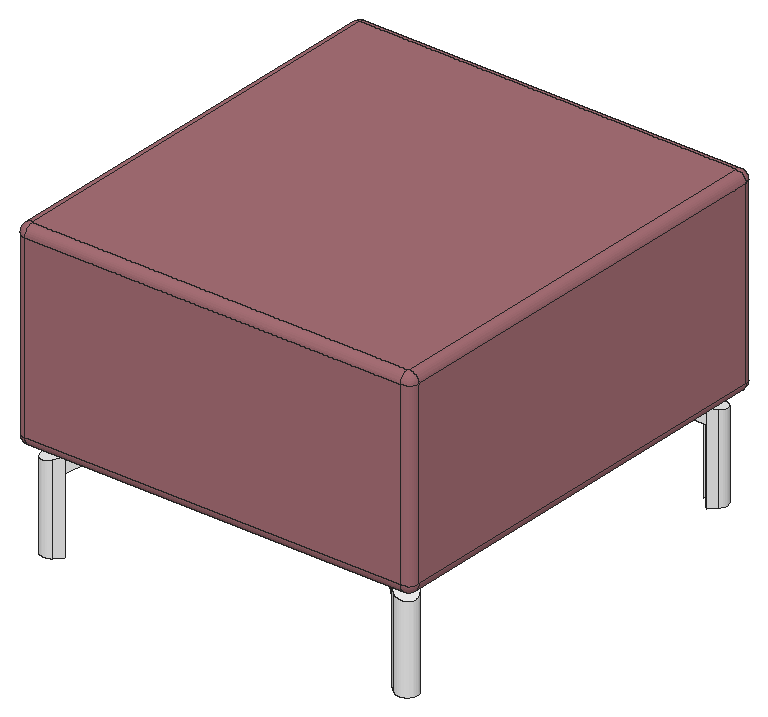
Revit family "Woodstock-Jefferson-JEFF-OT-1", category Furniture, Revit 2014
Parameters (values of type "JEFF-OT")
  Width = 24"
  URL = "www.woodstockmarketing.com"
  Type Comments = "JEFFERSON LOUNGE"  # constant formula
  Seat = WTK - Fabric - Burgundy
  Salvage or Reuse = yes
  Percentage of Recycled Content = 0
  Model = "JEFF-OT"
  Manufacturer = "WOODSTOCK MARKETING"  # constant formula
  Low Emitting Material = yes
  Low Emitting Finish = yes
  Legs = WTK - Steel, Chrome Plated
  Keynote = "12500"
  Height = 18"
  Depth = 26"
  Description = "Upholstered Ottoman"
  Assembly Code = "E2020200"
Reference planes (in)
  plane 1 "Center Front/Back": y = 0
  plane 2: z = 0
  plane 3 "Center Left/Right": x = 0
  plane 4: x = 24
  plane 5: x = 12
  plane 6: y = -13
  plane 7: y = -26
  plane 8: z = 18
  plane 9: z = 5.9760497
  plane 10: through (1.3198055, -1.2573065, 48) normal (0.7071, 0.7071, 0)
  plane 11: through (0.0978522, -2.2209631, 48) normal (-0.7071, 0.7071, 0)
  plane 12: through (22.6801945, -1.2573065, 48) normal (0.7071, -0.7071, 0)
  plane 13: through (23.9021478, -2.2209631, 48) normal (-0.7071, -0.7071, 0)
  plane 14: through (1.3198055, -24.7426935, 48) normal (-0.7071, 0.7071, 0)
  plane 15: through (0.0978522, -23.7790369, 48) normal (0.7071, 0.7071, 0)
  plane 16: through (22.6801945, -24.7426935, 48) normal (-0.7071, -0.7071, 0)
  plane 17: through (23.9021478, -23.7790369, 48) normal (0.7071, -0.7071, 0)
Forms (in)
  Sweep 1, solid, material "WTK - Fabric - Burgundy" <- "Seat"
    path origin (0, 0, 0) x (1, 0, 0) y (0, 1, 0)
      loop
        line (23.390625, 0) -> (0.6107071, 0)
        arc (0.6107071, 0) -> (0.178872, -0.178872) -> (0, -0.6107071) r 0.6107071
        line (0, -0.6107071) -> (0, -25.390625)
        arc (0, -25.390625) -> (0.1784818, -25.8215182) -> (0.609375, -26) r 0.609375
        line (0.609375, -26) -> (23.390625, -26)
        arc (23.390625, -26) -> (23.8215182, -25.8215182) -> (24, -25.390625) r 0.609375
        line (24, -25.390625) -> (24, -0.609375)
        arc (24, -0.609375) -> (23.8215182, -0.1784818) -> (23.390625, 0) r 0.609375
    profile origin (12.000666, 0, 0) x (0, -1, 0) y (0, 0, 1)
      loop
        arc (0.5625, 18) -> (0.1647524, 17.8352476) -> (0, 17.4375) r 0.5625
        line (0, 17.4375) -> (0, 6.5399055)
        arc (0, 6.5399055) -> (0.1651496, 6.1411992) -> (0.5638559, 5.9760497) r 0.5638559
        line (0.5638559, 5.9760497) -> (0.6093232, 5.9760497) -> (0.6093232, 18) -> (0.5625, 18)
  Extrusion 2, solid, material "WTK - Fabric - Burgundy" <- "Seat"
    sketch origin (23.390625, -25.390625, 18) x (0, -1, 0) y (1, 0, 0)
      loop
        line (-24.7813018, -22.7813018) -> (0.0000518, -22.7813018) -> (0.0000518, 0.0000518) -> (-24.7813018, 0.0000518) -> (-24.7813018, -22.7813018)
    from 0 to -12.0239503
Cuts and joins
  joined: Sweep 1, Extrusion 2
Lines and regions (in)
  symbolic lines, style "Chair"
    curve 1: line (23.401608, 0, 0) -> (0.6093429, 0, 0)
    curve 2: line (0, -0.6093429, 0) -> (0, -25.3622887, 0)
    curve 3: line (24, -0.598392, 0) -> (24, -25.4077484, 0)
    curve 4: line (0.6377113, -26, 0) -> (23.4077484, -26, 0)
    curve 5: arc (0.6093429, 0, 0) -> (0.1784724, -0.1784724, 0) -> (0, -0.6093429, 0) r 0.6093429
    curve 6: arc (24, -0.598392, 0) -> (23.824735, -0.175265, 0) -> (23.401608, 0, 0) r 0.598392
    curve 7: arc (23.4077484, -26, 0) -> (23.8265335, -25.8265335, 0) -> (24, -25.4077484, 0) r 0.5922516
    curve 8: arc (0, -25.3622887, 0) -> (0.1867813, -25.8132187, 0) -> (0.6377113, -26, 0) r 0.6377113
Dimensions and locks (in)
  equal spacing: plane 3 "Center Left/Right", plane 5, plane 4
  "Width": plane 3 "Center Left/Right" to plane 4
  equal spacing: plane 7, plane 6, plane 1 "Center Front/Back"
  "Depth": plane 7 to plane 1 "Center Front/Back"
  "Height": plane 8 to plane 2
  aligned and locked: plane 2 to level
  aligned and locked: Sweep 1 sketch curve to plane 1 "Center Front/Back"
  aligned and locked: Sweep 1 sketch curve to plane 3 "Center Left/Right"
  aligned and locked: Sweep 1 sketch curve to plane 4
  aligned and locked: Sweep 1 sketch curve to plane 7
  aligned and locked: Extrusion 2 sketch curve to Sweep 1  (x4)
  aligned and locked: Extrusion 2 to Sweep 1  (x2)
  aligned and locked: nested 1 to plane 10
  aligned and locked: plane 11 to nested 1
  aligned and locked: nested 2 to plane 12
  aligned and locked: plane 13 to nested 2
  aligned and locked: nested 3 to plane 14
  aligned and locked: nested 3 to plane 15
  aligned and locked: nested 4 to plane 16
  aligned and locked: nested 4 to plane 17
  aligned and locked: curve 1 to plane 1 "Center Front/Back"
  aligned and locked: curve 2 to plane 3 "Center Left/Right"
  aligned and locked: curve 3 to plane 4
  aligned and locked: curve 4 to plane 7
Automatic sketch dimensions
  Sweep 1 sketch curve to profile plane = 0"
  plane 9 to Sweep 1 sketch curve = 0"
  Sweep 1 sketch curve to profile plane = 9/16"
  Sweep 1 sketch curve to profile plane = 0.56386"
  Sweep 1 sketch curve to Sweep 1 sketch curve = 0.04547"
  Sweep 1 sketch curve to Sweep 1 sketch curve = 10.89759"
  plane 3 "Center Left/Right" to Sweep 1 sketch curve = 0.61071"
  plane 3 "Center Left/Right" to Sweep 1 sketch curve = 39/64"
  Sweep 1 sketch curve to plane 4 = 39/64"
  plane 1 "Center Front/Back" to Sweep 1 sketch curve = 39/64"
  plane 3 "Center Left/Right" to curve 1 = 0.60934"
  plane 3 "Center Left/Right" to curve 4 = 0.63771"
  plane 1 "Center Front/Back" to curve 6 = 0.59839"
  curve 7 to plane 4 = 0.59225"
Nested families (in)
  nested 1: "Leg" at (1.1906571, -1.1281582, 0) x (0.7071, -0.7071, 0) z (0, 0, 1), Leg <- "Legs", type "LG"
    with Leg WTK - Steel, Chrome Plated
  nested 2: "Leg" at (22.8093429, -1.1281582, 0) x (-0.7071, -0.7071, 0) z (0, 0, 1), Leg <- "Legs", type "LG"
    with Leg WTK - Steel, Chrome Plated
  nested 3: "Leg" at (1.1906571, -24.8718418, 0) x (0.7071, 0.7071, 0) z (0, 0, 1), Leg <- "Legs", type "LG"
    with Leg WTK - Steel, Chrome Plated
  nested 4: "Leg" at (22.8093429, -24.8718418, 0) x (-0.7071, 0.7071, 0) z (0, 0, 1), Leg <- "Legs", type "LG"
    with Leg WTK - Steel, Chrome Plated
Definition of nested family "Leg"
  Parameters (values of type "LG")
    Leg [instance] = none
  Reference planes (in)
    plane 1 "Center (Front/Back)": y = 0
    plane 2: z = 0
    plane 3 "Center (Left/Right)": x = 0
  Forms (in)
    Extrusion 1, solid, material <- "Leg"
      sketch origin (0, 0, 0) x (1, 0, 0) y (0, 1, 0)
        loop
          line (0.6856281, 0.5818036) -> (0.1064432, 0.5559941)
          arc (0.1064432, 0.5559941) -> (-0.4925756, -0.0703125) -> (0.1064432, -0.6966191) r 0.6269281
          line (0.1064432, -0.6966191) -> (0.6856281, -0.7224286) -> (0.6856281, -0.5383847) -> (0.0920364, -0.5119323) -> (0.0920364, 0.3774039) -> (0.6856281, 0.4038554) -> (0.6856281, 0.5818036)
      from 0 to 5.4945129
    Extrusion 2, solid, material <- "Leg"
      sketch origin (0, 0, 0) x (1, 0, 0) y (0, 0, 1)
        loop
          line (2.5346778, 5.9485005) -> (0.0589161, 5.3304625) -> (0.0589161, 4.2693235) -> (2.6467156, 5.5838224) -> (4.2096624, 5.5838224) -> (4.2096624, 5.9760497) -> (2.7587799, 5.9760497)
          arc (2.7587799, 5.9760497) -> (2.6458854, 5.9691365) -> (2.5346778, 5.9485005) r 0.9252665
      from -0.7108773 to 0.8576442
    Extrusion 3, void
      sketch origin (0, 0, 0) x (1, 0, 0) y (0, 0, 1)
        loop
          line (0.8145151, 5.5190758) -> (-0.7850355, 5.5190758) -> (-0.7850355, 5.1197934) -> (0.8145151, 5.5190758)
      from -0.7108773 to 0.857649
    Extrusion 4, void
      sketch origin (0, 0, 0) x (1, 0, 0) y (0, 1, 0)
        loop
          line (2.6467156, 0.6509993) -> (4.212317, 0.7207612) -> (4.212317, 0.8266333) -> (-0.1574927, 0.8266333) -> (-0.1574927, 0.5260461) -> (2.6467156, 0.6509993)
      from 4.2107781 to 5.9760497
    Extrusion 5, void
      sketch origin (0, 0, 0) x (1, 0, 0) y (0, 1, 0)
        loop
          line (0, -0.6775599) -> (0, -1.0247562) -> (4.2055394, -1.0247562) -> (4.2055394, -0.8654567) -> (2.6450355, -0.7957359) -> (0, -0.6775599)
      from 4.2107781 to 5.9760497
  Cuts and joins
    Extrusion 3 cuts Extrusion 1
    Extrusion 3, Extrusion 4, Extrusion 5 cuts Extrusion 2
    joined: Extrusion 1, Extrusion 2
  Lines and regions (in)
    symbolic lines, style "FurnitureHiddenLines", detail levels fine
      curve 1: line (0.1179831, 0.5565083, 0) -> (4.2096624, 0.7388408, 0)
      curve 2: line (4.2096624, 0.7388408, 0) -> (4.2096624, -0.8576442, 0)
      curve 3: line (4.2096624, -0.8576442, 0) -> (0.1213123, -0.6972114, 0)
      curve 4: arc (0.1213123, -0.6972114, 0) -> (-0.481496, -0.0719479, 0) -> (0.1179831, 0.5565083, 0) r 0.6274122
      curve 5: line (2.6467156, 0.6691931, 0) -> (2.6467156, -0.7963119, 0)
      curve 6: line (0.0920364, 0.3774039, 0) -> (0.0920364, -0.5119323, 0)
      curve 7: line (0.0920364, -0.5119323, 0) -> (0.6856281, -0.5383847, 0)
      curve 8: line (0.6856281, -0.5383847, 0) -> (0.6856281, -0.719356, 0)
      curve 9: line (0.0920364, 0.3774039, 0) -> (0.6856281, 0.4038554, 0)
      curve 10: line (0.6856281, 0.4038554, 0) -> (0.6856281, 0.5818036, 0)
  Dimensions and locks (in)
    aligned and locked: plane 2 to level
